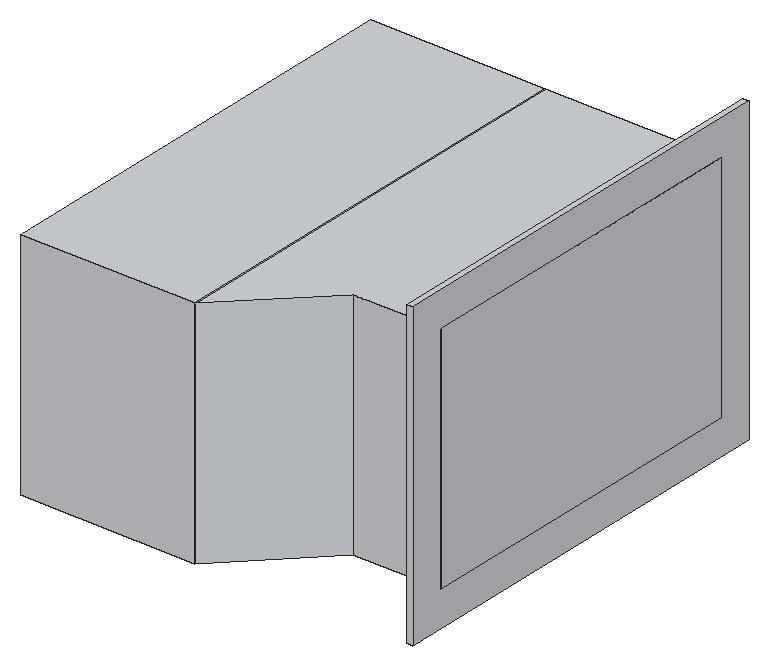
Revit family "RE Schuhstutzen gefast SU - Flansch", category Luftkanalformteile, Revit 2014
Parameters (values of type "Allgemein")
  d [instance] = 300 mm
  c [instance] = 200 mm
  RLT_DIN_d [instance] = d  # 300 mm
  RLT_DIN_c [instance] = c  # 200 mm
  RLT_DIN_a [instance] = a  # 200 mm
  RLT_DIN_KZ = "SU"
  built-in parameter 1114214 [instance] = 150 mm
  built-in parameter 1114213 [instance] = 150 mm
  built-in parameter 1114215 [instance] = (empty or 0)
  a [instance] = c  # 200 mm
  b [instance] = d + Radius  # 375 mm
  Radius [instance] = [built-in parameter 1114213] * 0.5  # 75 mm
  Länge l1 [instance] = Radius + 0.5 * d  # 225 mm
  Horizontaler Profilversatz [instance] = -(b - d) / 2  # -37.5 mm
  Flansch d [instance] = d + Flanschverlängerung * 2  # 360 mm
  Flansch c [instance] = c + Flanschverlängerung * 2  # 260 mm
  Flanschstärke [instance] = 5 mm
  Flanschverlängerung [instance] = 30 mm
Reference planes
  plane 1 "Mitte (vorne/hinten)": y = 0
  plane 2: z = 0
  plane 3 "Mitte (links/rechts)": x = 0
  plane 4: x = -150
  plane 5: x = 150
  plane 6: x = 75
  plane 7: x = 145
  plane 8: y = 180
  plane 9: y = -180
Forms (mm)
  Sweep 1, solid, detail levels medium+fine
    path in 3D
      loop
        line (75, 0, 0) -> (150, 0, 0)
    profile "Luftkanal - rechteckig : Luftkanal - rechteckig 2" origin (112.5, 0, 0) x (0, 1, 0) y (0, 0, 1)
      loop
        line (-150, 100) -> (-150, -100) -> (150, -100) -> (150, 100) -> (-150, 100)
  SweptBlend 2, solid, detail levels medium+fine
    path in 3D
      loop
        line (0, 0, 0) -> (75, 0, 0)
    profile "Luftkanal - rechteckig : Luftkanal - rechteckig 1" origin (0, 0, 0) x (0, 1, 0) y (0, 0, 1)
      loop
        line (-225, 100) -> (-225, -100) -> (150, -100) -> (150, 100) -> (-225, 100)
    end profile "Luftkanal - rechteckig : Luftkanal - rechteckig 2" origin (75, 0, 0) x (0, 1, 0) y (0, 0, 1)
      loop
        line (-150, 100) -> (-150, -100) -> (150, -100) -> (150, 100) -> (-150, 100)
  Sweep 3, solid, detail levels medium+fine
    path in 3D
      loop
        line (-150, 0, 0) -> (0, 0, 0)
    profile "Luftkanal - rechteckig : Luftkanal - rechteckig 1" origin (-75, 0, 0) x (0, 1, 0) y (0, 0, 1)
      loop
        line (-225, 100) -> (-225, -100) -> (150, -100) -> (150, 100) -> (-225, 100)
  Sweep 4, solid, detail levels fine
    path in 3D
      loop
        line (145, 0, 0) -> (150, 0, 0)
    profile "Luftkanal - rechteckig : Luftkanal - Flansch 2" origin (147.5, 0, 0) x (0, 1, 0) y (0, 0, 1)
      loop
        line (-180, 130) -> (-180, -130) -> (180, -130) -> (180, 130) -> (-180, 130)
Cuts and joins
  joined: Sweep 1, SweptBlend 2
Lines and regions (mm)
  reference lines
    curve 1: line (75, 0, 0) -> (150, 0, 0)
    curve 3: line (-150, 0, 0) -> (0, 0, 0)
    curve 4: line (0, 0, 0) -> (75, 0, 0)
    curve 7: line (145, 0, 0) -> (150, 0, 0)
  sketch lines
    curve 2: line (75, 0, 0) -> (150, 0, 0)
    curve 5: line (0, 0, 0) -> (75, 0, 0)
    curve 6: line (-150, 0, 0) -> (0, 0, 0)
    curve 8: line (145, 0, 0) -> (150, 0, 0)
  model lines, detail levels coarse
    curve 9: line (150, 180, 0) -> (150, -180, 0)
Dimensions and locks
  "built-in parameter 1114214": plane 4 to plane 3 "Mitte (links/rechts)"
  "built-in parameter 1114213": plane 3 "Mitte (links/rechts)" to plane 5
  "Radius": plane 3 "Mitte (links/rechts)" to plane 6
  "Flanschstärke": plane 7 to plane 5
  equal spacing: plane 8, plane 1 "Mitte (vorne/hinten)", plane 9
  "Flansch d": plane 8 to plane 9
  aligned and locked: plane 6 to curve 1
  aligned and locked: plane 5 to curve 1
  aligned and locked: plane 1 "Mitte (vorne/hinten)" to curve 1
  aligned and locked: plane 4 to curve 3
  aligned and locked: plane 1 "Mitte (vorne/hinten)" to curve 3
  aligned and locked: plane 3 "Mitte (links/rechts)" to curve 4
  aligned and locked: plane 1 "Mitte (vorne/hinten)" to curve 4
  aligned and locked: plane 7 to curve 7
  aligned and locked: plane 5 to curve 7
  aligned and locked: plane 1 "Mitte (vorne/hinten)" to curve 7
  aligned and locked: plane 8 to curve 9
  aligned and locked: plane 9 to curve 9
  aligned and locked: curve 9 to plane 5
Connectors
  hvac at (0, -37.5, 0), driven by "c", driven by "d"
    settings: on SweptBlend 2, index 1, duct flow 0.0 L/s, flow factor 0, pres drop 0.0 Pa, loss coef 0, conn angle 0.00°, conn width 300 mm, conn height 200 mm, conn diameter 609.6 mm, duct sys type 28, conn prof type 1, flow config 0, flow direction 0, loss method 0, conn ref index 2, conn util no, is conn primary yes, conn desc ""
  hvac at (150, 0, 0), driven by "c", driven by "d"
    settings: on Sweep 1, index 2, duct flow 0.0 L/s, flow factor 0, pres drop 0.0 Pa, loss coef 0, conn angle 0.00°, conn width 300 mm, conn height 200 mm, conn diameter 609.6 mm, duct sys type 28, conn prof type 1, flow config 0, flow direction 0, loss method 0, conn ref index 1, conn util no, is conn primary no, conn desc ""
